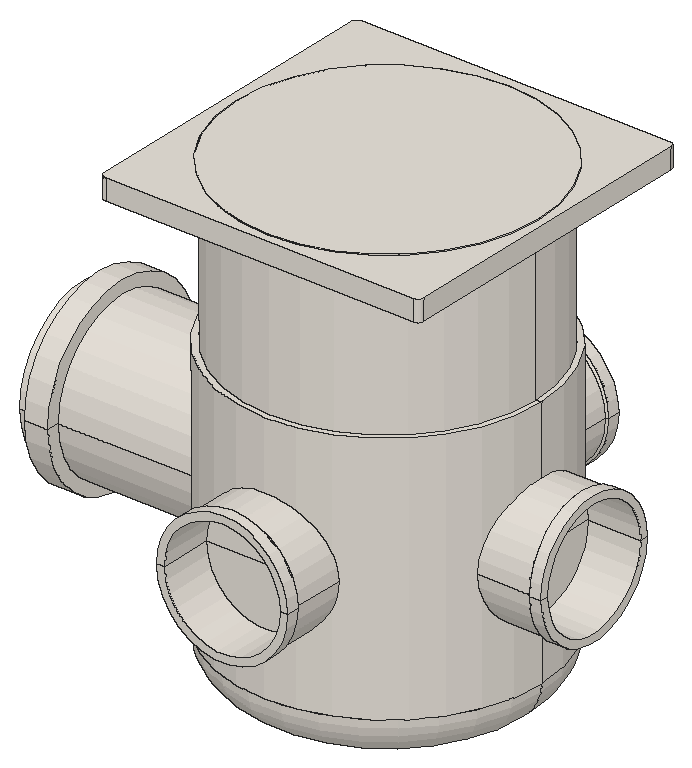
Revit family "Cx_Sif_Quadrada_3E_100x100x150x50", category Pipe Fittings, Revit 2025 (continued)
Definition of nested family "Z_Amanco Esgoto Caixa Sif Grelha Vórtice Quadrada (Nested)"
  Parameters (values of type "Plástica Branca")
    IfcDescription = Description  # "GRELHA QUADRADA"
    Description = "GRELHA QUADRADA"  # constant formula
    Default Elevation = 1219.2 mm
    Country = "BRA"  # constant formula
    Catalogue Code [instance] = if(CCB = 70580, "70580", if(CCB = 70581, "70581", if(CCB = 99069, "99069", if(CCB = 99070, "99070", "0"))))  # "70580"
    Assembly Code = ""
    CCB [instance] = size_lookup(RT, "Ref", 0, Diam Extention, Type)  # 70580
  Types (2, lengths in mm): name | Type | Vis Grelha Vórtice Branca | Vis Grelha Vórtice Inox | Product Description | Pid | Catalogue Code | CCB
    Aço Inox Polido | 2 | no | yes | "GRELHA VORTICE INOX ABRE/FECHA QD DN100" | 99069 | "99069" | 99069
    Plástica Branca | 1 | yes | no | "GRELHA VORT ABS BR ABRE/FECHA QUAD DN100" | 70580 | "70580" | 70580
  Reference planes
    plane 1 "Center (Front/Back)": y = 0
    plane 2: z = 0
    plane 3 "Center (Left/Right)": x = 0
    plane 4: z = -3.5
    plane 5: z = 0.1
  Forms (mm)
    Extrusion 1, solid, material <- "Material", visible <- "Vis Grelha Vórtice Inox", detail levels fine
      sketch origin (0, 0, 0) x (1, 0, 0) y (0, 1, 0)
        loop
          line (-50.8, 50.8) -> (-50.8, -50.8) -> (50.8, -50.8) -> (50.8, 50.8) -> (-50.8, 50.8)
      from -3.5 to 0.1
    Extrusion 2, solid, material <- "Material", visible <- "Vis Grelha Vórtice Branca", detail levels fine
      sketch origin (0, 0, 0) x (1, 0, 0) y (0, 1, 0)
        loop
          line (-50.8, 50.8) -> (-50.8, -50.8) -> (50.8, -50.8) -> (50.8, 50.8) -> (-50.8, 50.8)
      from -3.5 to 0.1
  Lines and regions (mm)
    reference lines
      curve 1: line (0, 0, -3.5) -> (0, 0, 0)
  Text (mm)
    text "®  Wavin" at (-0.074, 40.744, 0), in view "Ref. Level"
  Dimensions and locks
    "t1": level to plane 4
    equal spacing: Extrusion 1 sketch curve, plane 3 "Center (Left/Right)", Extrusion 1 sketch curve
    equal spacing: Extrusion 1 sketch curve, plane 1 "Center (Front/Back)", Extrusion 1 sketch curve
    "Do1": Extrusion 1 sketch curve to Extrusion 1 sketch curve  (x2)
    equal spacing: Extrusion 2 sketch curve, plane 3 "Center (Left/Right)", Extrusion 1
    equal spacing: Extrusion 2 sketch curve, plane 1 "Center (Front/Back)", Extrusion 2 sketch curve
    "Do1": Extrusion 2 sketch curve to Extrusion 2 sketch curve  (x2)
    aligned and locked: level to plane 2
    aligned and locked: Extrusion 1 to plane 4
  Automatic sketch dimensions
    curve 1 to level = 0 mm
    curve 1 to plane 3 "Center (Left/Right)" = 0 mm
    curve 1 to plane 4 = 0 mm
Definition of nested family "Z_Amanco Esgoto Caixa Sif Grelha Vórtice Redonda (Nested)"
  Parameters (values of type "Aço Inox Polido")
    product_serie = "Esgoto"
    material 2 = none
    Vis Grelha Vórtice Inox [instance] = yes
    Vis Grelha Vórtice Branca [instance] = no
    URL = "https://wavin.com/br/s/C50_F501_S779/grelhas"
    Type [instance] = 2
    RT [instance] = "G Vórtice Redonda"  # constant formula
    Norma = "NBR 8160/NBR 10844"  # constant formula
    Type IFC Predefined Type = "CONNECTOR"
    Grupo  Amanco [instance] = ""
    Export Type to IFC As = "IfcPipeFitting"
    Diam Extention [instance] = 100 mm
    Type Comments = "Esgoto"  # constant formula
    Solids visible [instance] = yes
    Product Description [instance] = if(CCB = 70568, "GRELHA VORT ABS BR ABRE/FECHA RED DN100", if(CCB = 70569, "GRELHA VORT ABS BR ABRE/FECHA RED DN150", if(CCB = 99067, "GRELHA VORTICE INOX ABRE/FECHA RED DN100", if(CCB = 99068, "GRELHA VORTICE INOX ABRE/FECHA RED DN150", "0"))))  # "GRELHA VORTICE INOX ABRE/FECHA RED DN100"
    Pid [instance] = CCB  # 99067
    Model = ""
    Manufacturer = "Wavin"  # constant formula
    LOD = "LOD400"  # constant formula
    built-in parameter 1114238 [instance] = (empty or 0)
    IfcExportType = "CONNECTOR"  # constant formula
    IfcExportAs = "IfcPipeFitting"  # constant formula
    IfcDescription = Description  # "GRELHA REDONDA"
    t1 [instance] = size_lookup(RT, "t1", 0 mm, Diam Extention)  # 3.5 mm
    Do1 [instance] = size_lookup(RT, "Do1", 0 mm, Diam Extention)  # 100 mm
    Description = "GRELHA REDONDA"  # constant formula
    Default Elevation = 1219.2 mm
    Country = "BRA"  # constant formula
    Catalogue Code [instance] = if(CCB = 70568, "70568", if(CCB = 70569, "70569", if(CCB = 99067, "99067", if(CCB = 99068, "99068", "0"))))  # "99067"
    Assembly Code = ""
    CCB [instance] = size_lookup(RT, "Ref", 0, Diam Extention, Type)  # 99067
  Types (2, lengths in mm): name | Vis Grelha Vórtice Inox | Vis Grelha Vórtice Branca | Type | Product Description | Pid | Catalogue Code | CCB
    Plástica Branca | no | yes | 1 | "GRELHA VORT ABS BR ABRE/FECHA RED DN100" | 70568 | "70568" | 70568
    Aço Inox Polido | yes | no | 2 | "GRELHA VORTICE INOX ABRE/FECHA RED DN100" | 99067 | "99067" | 99067
  Reference planes
    plane 1 "Center (Front/Back)": y = 0
    plane 2: z = 0
    plane 3 "Center (Left/Right)": x = 0
    plane 4: z = -3.5
    plane 5: z = 0.1
  Forms (mm)
    Extrusion 1, solid, material <- "material 2", visible <- "Vis Grelha Vórtice Inox", detail levels fine
      sketch origin (0, 0, 0) x (1, 0, 0) y (0, 1, 0)
        loop
          circle (0, 0) r 50
      from -3.5 to 0.1
    Extrusion 2, solid, material <- "material 2", visible <- "Vis Grelha Vórtice Branca", detail levels fine
      sketch origin (0, 0, 0) x (1, 0, 0) y (0, 1, 0)
        loop
          circle (0, 0) r 50
      from -3.5 to 0.1
  Text (mm)
    text "®  Wavin" at (-0.074, 40.744, 0), in view "Ref. Level"
  Dimensions and locks
    "t1": level to plane 4
    "Do1": diameter of Extrusion 1 sketch curve
    "Do1": diameter of Extrusion 2 sketch curve
    aligned and locked: level to plane 2
    aligned and locked: Extrusion 1 to plane 4
  Automatic sketch dimensions
    plane 1 "Center (Front/Back)" to Extrusion 1 sketch curve = 0 mm
    Extrusion 1 sketch curve to plane 3 "Center (Left/Right)" = 0 mm
    plane 1 "Center (Front/Back)" to Extrusion 2 sketch curve = 0 mm
    Extrusion 2 sketch curve to plane 3 "Center (Left/Right)" = 0 mm
